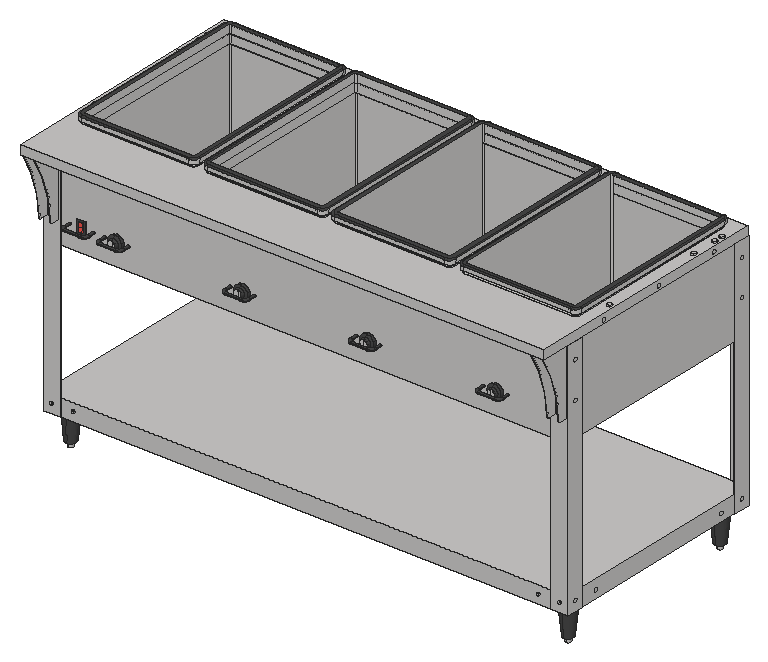
Revit family "QF_VOLLRATH_38214_SERVEWELL_SL_HOT_FOOD_TABLE", category Specialty Equipment, Revit 2022 (continued)
Definition of nested family "QF_VOLLRATH_38203"
  Automatic sketch dimensions
    Revolve 12 sketch curve to Revolve 12 sketch curve = 0.41678"
    Revolve 12 sketch curve to Revolve 12 sketch curve = 0.08253"
    Revolve 12 sketch curve to Revolve 12 sketch curve = 0.3109"
    Revolve 12 sketch curve to plane 10 = 0.12717"
    Revolve 12 sketch curve to Revolve 12 sketch curve = 1/16"
    Revolve 12 sketch curve to Revolve 12 sketch curve = 0"
    Sweep 13 sketch curve to plane 10 = 0"  (x2)
    Sweep 13 sketch curve to plane 10 = 0.83521"
    Sweep 13 sketch curve to plane 7 "Center Y" = 8.758"
    Sweep 13 sketch curve to Sweep 13 sketch curve = 0.41479"
    Sweep 13 sketch curve to plane 10 = 107/128"
    Sweep 13 sketch curve to Sweep 13 sketch curve = 1.92114"
    Sweep 13 sketch curve to profile plane = 0"
    level to Sweep 13 sketch curve = 24 7/16"
    Revolve 14 sketch curve to plane 10 = 0"
    Revolve 14 sketch curve to plane 10 = 0.30475"
    Revolve 14 sketch curve to Revolve 14 sketch curve = 0.13723"
    Revolve 14 sketch curve to Revolve 14 sketch curve = 0.30802"
    Revolve 14 sketch curve to plane 6 "TOP" = 8.74527"
    Revolve 14 sketch curve to Revolve 14 sketch curve = 0.3109"
    Revolve 14 sketch curve to Revolve 14 sketch curve = 0.08253"
    Revolve 14 sketch curve to Revolve 14 sketch curve = 0.41678"
    Revolve 14 sketch curve to plane 10 = 0.12717"
    Revolve 14 sketch curve to Revolve 14 sketch curve = 1/16"
    Revolve 14 sketch curve to Revolve 14 sketch curve = 0"
    Sweep 15 sketch curve to plane 10 = 0"  (x2)
    Sweep 15 sketch curve to plane 10 = 0.83521"
    plane 14 to Sweep 15 sketch curve = 5 1/2"
    Sweep 15 sketch curve to Sweep 15 sketch curve = 0.41479"
    Sweep 15 sketch curve to plane 10 = 107/128"
    Sweep 15 sketch curve to Sweep 15 sketch curve = 1.92114"
    Sweep 15 sketch curve to profile plane = 0"
    level to Sweep 15 sketch curve = 24 7/16"
    Extrusion 2 to Extrusion 16 sketch curve = 1.87224"
    Extrusion 2 to Extrusion 16 sketch curve = 3.81326"
    Extrusion 16 sketch curve to Extrusion 16 sketch curve = 0.29169"
    Extrusion 16 sketch curve to Extrusion 16 sketch curve = 0.41524"
    Extrusion 16 sketch curve to Extrusion 16 sketch curve = 0.29307"
    Extrusion 16 sketch curve to Extrusion 16 sketch curve = 0.27955"
    Extrusion 16 sketch curve to Extrusion 16 sketch curve = 1 1/64"
    Extrusion 16 sketch curve to Extrusion 16 sketch curve = 0.20483"
    Extrusion 17 sketch curve to Extrusion 16 = 0"  (x2)
    Extrusion 17 sketch curve to Extrusion 16 = 0.06481"
    Extrusion 17 sketch curve to Extrusion 16 = 0.46361"
    Extrusion 16 to Extrusion 17 sketch curve = 0.00006"
    Extrusion 17 sketch curve to Extrusion 16 = 0.14238"
    Sweep 18 sketch curve to plane 10 = 0"  (x2)
    Sweep 18 sketch curve to plane 10 = 0.83521"
    plane 12 to Sweep 18 sketch curve = 1 15/32"
    Sweep 18 sketch curve to Sweep 18 sketch curve = 0.41479"
    Sweep 18 sketch curve to plane 10 = 107/128"
    Sweep 18 sketch curve to Sweep 18 sketch curve = 1.92114"
    Sweep 18 sketch curve to profile plane = 0"
    level to Sweep 18 sketch curve = 24 7/16"
    Split face 1 sketch curve to cut or joined group of Extrusion 2, Extrusion 3, Extrusion 4 = 4.12648"
    Split face 1 sketch curve to Split face 1 sketch curve = 7/16"
    cut or joined group of Extrusion 2, Extrusion 3, Extrusion 4 to Split face 1 sketch curve = 7.43183"
    Split face 1 sketch curve to Split face 1 sketch curve = 1"
    Split face 2 sketch curve to cut or joined group of Extrusion 2, Extrusion 3, Extrusion 4 = 3.3811"
    cut or joined group of Extrusion 2, Extrusion 3, Extrusion 4 to Split face 2 sketch curve = 7.88431"
    Split face 3 sketch curve to cut or joined group of Extrusion 2, Extrusion 3, Extrusion 4 = 4.12648"
    Split face 3 sketch curve to Split face 3 sketch curve = 7/16"
    cut or joined group of Extrusion 2, Extrusion 3, Extrusion 4 to Split face 3 sketch curve = 20.44317"
    Split face 3 sketch curve to Split face 3 sketch curve = 1"
    Split face 4 sketch curve to Split face 4 sketch curve = 0"  (x2)
    Split face 4 sketch curve to cut or joined group of Extrusion 2, Extrusion 3, Extrusion 4 = 3.3811"
    cut or joined group of Extrusion 2, Extrusion 3, Extrusion 4 to Split face 4 sketch curve = 19.95944"
    Split face 4 sketch curve to Split face 4 sketch curve = 0.16586"
    Split face 5 sketch curve to cut or joined group of Extrusion 2, Extrusion 3, Extrusion 4 = 4.12648"
    Split face 5 sketch curve to Split face 5 sketch curve = 7/16"
    cut or joined group of Extrusion 2, Extrusion 3, Extrusion 4 to Split face 5 sketch curve = 5.69317"
    Split face 5 sketch curve to Split face 5 sketch curve = 1"
    Split face 6 sketch curve to Split face 6 sketch curve = 0"  (x2)
    Split face 6 sketch curve to cut or joined group of Extrusion 2, Extrusion 3, Extrusion 4 = 3.3811"
    cut or joined group of Extrusion 2, Extrusion 3, Extrusion 4 to Split face 6 sketch curve = 5.19382"
    Split face 6 sketch curve to Split face 6 sketch curve = 0.16586"
    Split face 7 sketch curve to cut or joined group of Extrusion 2, Extrusion 3, Extrusion 4 = 3.21492"
    Split face 7 sketch curve to Split face 7 sketch curve = 3/32"  (x2)
    Split face 7 sketch curve to Split face 7 sketch curve = 1 1/8"
    Split face 7 sketch curve to Split face 7 sketch curve = 1.12522"
    Split face 7 sketch curve to Split face 7 sketch curve = 0.09353"
    cut or joined group of Extrusion 2, Extrusion 3, Extrusion 4 to Split face 7 sketch curve = 11.9592"
    Split face 7 sketch curve to Split face 7 sketch curve = 3 15/16"
    Extrusion 2 to Extrusion 19 sketch curve = 0"  (x4)
    Extrusion 19 sketch curve to Extrusion 19 sketch curve = 5/32"  (x2)
    Extrusion 19 sketch curve to Extrusion 2 = 0.01601"  (x2)
    Extrusion 19 sketch curve to Extrusion 2 = 5/32"  (x9)
    Extrusion 2 to Extrusion 19 sketch curve = 0.01601"  (x2)
    Extrusion 19 sketch curve to Extrusion 2 = 2.89624"  (x4)
    Extrusion 19 sketch curve to Extrusion 2 = 0.14024"
    Extrusion 19 sketch curve to Extrusion 2 = 6.47269"  (x2)
    Extrusion 19 sketch curve to Extrusion 2 = 6.4887"  (x2)
    Extrusion 20 sketch curve to Extrusion 1 = 0.56824"
    Extrusion 20 sketch curve to Extrusion 1 = 0.53699"
    Extrusion 20 sketch curve to Extrusion 1 = 0.50498"  (x2)
    Extrusion 1 to Extrusion 20 sketch curve = 1.56685"
    Extrusion 20 sketch curve to Extrusion 20 sketch curve = 1.04512"
    Extrusion 20 sketch curve to Extrusion 20 sketch curve = 2.99589"
    Extrusion 1 to Extrusion 20 sketch curve = 3.29839"
    Extrusion 2 to Extrusion 21 sketch curve = 1.4413"
    Extrusion 21 sketch curve to Extrusion 2 = 2.52553"
    Extrusion 22 sketch curve to Extrusion 2 = 2.89711"  (x4)
    Extrusion 22 sketch curve to Extrusion 2 = 6.47298"  (x2)
    Extrusion 22 sketch curve to Extrusion 2 = 6.48457"  (x2)
    plane 12 to Extrusion 23 sketch curve = 6.61974"
    Extrusion 23 sketch curve to Extrusion 23 sketch curve = 0.03954"
    Extrusion 23 sketch curve to Extrusion 23 sketch curve = 0.07808"
    Extrusion 23 sketch curve to Extrusion 23 sketch curve = 9/64"
    Extrusion 23 sketch curve to Extrusion 23 sketch curve = 0.29046"
    Extrusion 23 sketch curve to Extrusion 23 sketch curve = 0.10409"
    plane 11 to Extrusion 23 sketch curve = 13 225/256"
    Extrusion 23 sketch curve to Extrusion 23 sketch curve = 0.77431"
    Extrusion 23 sketch curve to Extrusion 23 sketch curve = 0.00199"
    Extrusion 23 sketch curve to Extrusion 23 sketch curve = 0.23749"
    Extrusion 23 sketch curve to Extrusion 23 sketch curve = 0"
    Extrusion 23 sketch curve to Extrusion 23 sketch curve = 0.25882"
    plane 12 to Extrusion 24 sketch curve = 6.80179"
    Extrusion 24 sketch curve to plane 6 "TOP" = 13.11387"
    Extrusion 25 sketch curve to plane 7 "Center Y" = 7.48485"
    Extrusion 25 sketch curve to Extrusion 25 sketch curve = 0.03954"
    Extrusion 25 sketch curve to Extrusion 25 sketch curve = 0.11762"
    Extrusion 25 sketch curve to Extrusion 25 sketch curve = 9/64"
    Extrusion 25 sketch curve to Extrusion 25 sketch curve = 0.29046"
    Extrusion 25 sketch curve to Extrusion 25 sketch curve = 0.10409"
    plane 11 to Extrusion 25 sketch curve = 13 225/256"
    Extrusion 25 sketch curve to Extrusion 25 sketch curve = 0.77431"
    Extrusion 25 sketch curve to Extrusion 25 sketch curve = 0.00199"
    Extrusion 25 sketch curve to Extrusion 25 sketch curve = 0.23749"
    Extrusion 25 sketch curve to Extrusion 25 sketch curve = 0"
    Extrusion 25 sketch curve to Extrusion 25 sketch curve = 0.25882"
    Extrusion 26 sketch curve to plane 7 "Center Y" = 7.29599"
    Extrusion 26 sketch curve to plane 6 "TOP" = 13.11387"
    plane 14 to Extrusion 27 sketch curve = 6.99367"
    Extrusion 27 sketch curve to Extrusion 27 sketch curve = 0.03954"
    Extrusion 27 sketch curve to Extrusion 27 sketch curve = 0.07808"
    Extrusion 27 sketch curve to Extrusion 27 sketch curve = 9/64"
    Extrusion 27 sketch curve to Extrusion 27 sketch curve = 0.29046"
    Extrusion 27 sketch curve to Extrusion 27 sketch curve = 0.10409"
    plane 11 to Extrusion 27 sketch curve = 13 225/256"
    Extrusion 27 sketch curve to Extrusion 27 sketch curve = 0.77431"
    Extrusion 27 sketch curve to Extrusion 27 sketch curve = 0.00199"
    Extrusion 27 sketch curve to Extrusion 27 sketch curve = 0.23749"
    Extrusion 27 sketch curve to Extrusion 27 sketch curve = 0"
    Extrusion 27 sketch curve to Extrusion 27 sketch curve = 0.25882"
    plane 14 to Extrusion 28 sketch curve = 6.81162"
    Extrusion 28 sketch curve to plane 6 "TOP" = 13.11387"
    Extrusion 1 to Extrusion 29 sketch curve = 0.93013"  (x3)
    Extrusion 29 sketch curve to Extrusion 29 sketch curve = 2.99269"
    Extrusion 1 to Extrusion 29 sketch curve = 0.52024"  (x3)
    Extrusion 29 sketch curve to Extrusion 29 sketch curve = 4.0321"
    Extrusion 29 sketch curve to Extrusion 29 sketch curve = 8"  (x2)
    Extrusion 1 to Extrusion 29 sketch curve = 7.39159"
    Extrusion 1 to Extrusion 29 sketch curve = 4.40301"
    Extrusion 29 sketch curve to Extrusion 1 = 1.81291"
    Extrusion 29 sketch curve to Extrusion 29 sketch curve = 0"
    Extrusion 29 sketch curve to Extrusion 29 sketch curve = 2.98858"
    Extrusion 29 sketch curve to Extrusion 1 = 1.79886"
    Extrusion 29 sketch curve to Extrusion 29 sketch curve = 4.15231"
    Extrusion 29 sketch curve to Extrusion 29 sketch curve = 4 1/4"
    Extrusion 29 sketch curve to Extrusion 29 sketch curve = 20 3/4"
    Extrusion 29 sketch curve to Extrusion 29 sketch curve = 20.91394"
    Extrusion 29 sketch curve to Extrusion 29 sketch curve = 0.26147"
    Extrusion 29 sketch curve to Extrusion 29 sketch curve = 0.20927"
    plane 1 "BACK" to Extrusion 30 sketch curve = 0.93013"  (x3)
    plane 9 to Extrusion 30 sketch curve = 0.97789"  (x2)
    Extrusion 30 sketch curve to Extrusion 30 sketch curve = 2.99269"
    Extrusion 30 sketch curve to plane 6 "TOP" = 1.42378"  (x3)
    Extrusion 30 sketch curve to Extrusion 30 sketch curve = 4.0321"
    plane 8 "Center X" to Extrusion 30 sketch curve = 1.78778"
    plane 13 to Extrusion 30 sketch curve = 2.81572"
    plane 10 to Extrusion 30 sketch curve = 3.89159"
    plane 10 to Extrusion 30 sketch curve = 0.90301"  (x3)
    Extrusion 30 sketch curve to plane 11 = 0.81284"
    Extrusion 30 sketch curve to plane 11 = 0.76064"
    Extrusion 30 sketch curve to plane 6 "TOP" = 8.01064"
    Extrusion 30 sketch curve to Extrusion 30 sketch curve = 6.47512"
    Extrusion 30 sketch curve to plane 6 "TOP" = 3.76064"
    Extrusion 30 sketch curve to plane 6 "TOP" = 3.74659"
    Extrusion 31 sketch curve to Extrusion 3 = 0.93848"  (x3)
    Extrusion 31 sketch curve to Extrusion 3 = 1.43848"
    Extrusion 3 to Extrusion 31 sketch curve = 1.09351"  (x4)
    Extrusion 31 sketch curve to Extrusion 31 sketch curve = 53.93555"
    Extrusion 31 sketch curve to Extrusion 31 sketch curve = 2 1/2"
    Extrusion 3 to Extrusion 31 sketch curve = 6.04277"
    Extrusion 31 sketch curve to Extrusion 31 sketch curve = 0"  (x2)
    Extrusion 3 to Extrusion 31 sketch curve = 1.79277"  (x2)
    Extrusion 31 sketch curve to Extrusion 31 sketch curve = 4 1/4"
    Revolve 32 sketch curve to plane 9 = 0"
    Revolve 32 sketch curve to level = 0"
    plane 10 to Revolve 32 sketch curve = 1.00812"
    level to Revolve 32 sketch curve = 9/16"
    plane 10 to Revolve 32 sketch curve = 1.30886"
    Revolve 32 sketch curve to Revolve 32 sketch curve = 0.34739"
    Revolve 32 sketch curve to Revolve 32 sketch curve = 9/32"  (x2)
    Revolve 32 sketch curve to Revolve 32 sketch curve = 1/4"
    Revolve 32 sketch curve to Revolve 32 sketch curve = 1/16"
    Revolve 33 sketch curve to plane 9 = 0"
    Revolve 33 sketch curve to level = 0"
    plane 1 "BACK" to Revolve 33 sketch curve = 1.13312"
    level to Revolve 33 sketch curve = 9/16"
    plane 1 "BACK" to Revolve 33 sketch curve = 1.43386"
    Revolve 33 sketch curve to Revolve 33 sketch curve = 0.34739"
    Revolve 33 sketch curve to Revolve 33 sketch curve = 9/32"  (x2)
    Revolve 33 sketch curve to Revolve 33 sketch curve = 1/16"
    Revolve 33 sketch curve to Revolve 33 sketch curve = 1/4"
    Revolve 34 sketch curve to plane 9 = 0"
    Revolve 34 sketch curve to level = 0"
    plane 1 "BACK" to Revolve 34 sketch curve = 1.13312"
    level to Revolve 34 sketch curve = 9/16"
    plane 1 "BACK" to Revolve 34 sketch curve = 1.43386"
    Revolve 34 sketch curve to Revolve 34 sketch curve = 0.34739"
    Revolve 34 sketch curve to Revolve 34 sketch curve = 9/32"  (x2)
    Revolve 34 sketch curve to level = 1/4"
    Revolve 34 sketch curve to Revolve 34 sketch curve = 1/16"
    plane 13 to Blend 35 sketch curve = 0"
    plane 14 to Blend 35 sketch curve = 4.43727"
    Blend 35 sketch curve to plane 14 = 0.06273"
    plane 10 to Blend 35 sketch curve = 2.97336"
    plane 13 to Blend 35 sketch curve = 1/2"
    plane 14 to Blend 35 sketch curve = 3.93727"
    plane 14 to Blend 35 sketch curve = 0.43727"
    plane 10 to Blend 35 sketch curve = 3.47336"
    plane 13 to Blend 36 sketch curve = 0"
    plane 12 to Blend 36 sketch curve = 4.43727"
    Blend 36 sketch curve to plane 12 = 0.06273"
    plane 10 to Blend 36 sketch curve = 2.97336"
    plane 13 to Blend 36 sketch curve = 1/2"
    plane 12 to Blend 36 sketch curve = 3.93727"
    plane 12 to Blend 36 sketch curve = 0.43727"
    plane 10 to Blend 36 sketch curve = 3.47336"
    plane 14 to Blend 37 sketch curve = 4.43727"
    Blend 37 sketch curve to plane 14 = 0.06273"
    plane 8 "Center X" to Blend 37 sketch curve = 6.8801"
    plane 1 "BACK" to Blend 37 sketch curve = 2.98976"
    plane 14 to Blend 37 sketch curve = 3.93727"
    plane 14 to Blend 37 sketch curve = 0.43727"
    plane 1 "BACK" to Blend 37 sketch curve = 7.3699"
    plane 1 "BACK" to Blend 37 sketch curve = 3.48976"
    plane 12 to Blend 38 sketch curve = 4.43727"
    Blend 38 sketch curve to plane 12 = 0.06273"
    plane 1 "BACK" to Blend 38 sketch curve = 2.98976"
    Blend 38 sketch curve to Blend 38 sketch curve = 4.88014"
    plane 12 to Blend 38 sketch curve = 3.93727"
    plane 12 to Blend 38 sketch curve = 0.43727"
    plane 1 "BACK" to Blend 38 sketch curve = 3.48976"
    Blend 38 sketch curve to Blend 38 sketch curve = 3.88014"
    plane 5 "FRONT" to Extrusion 39 sketch curve = 13.4333"
    Extrusion 39 sketch curve to plane 5 "FRONT" = 0.11477"
    Extrusion 39 sketch curve to plane 10 = 0.80842"
    Extrusion 39 sketch curve to plane 10 = 1/16"
    Extrusion 39 sketch curve to plane 6 "TOP" = 1.94773"
    Extrusion 39 sketch curve to Extrusion 39 sketch curve = 7.40044"
    Extrusion 39 sketch curve to Extrusion 39 sketch curve = 1/4"
    Extrusion 39 sketch curve to plane 6 "TOP" = 10.27256"
    plane 5 "FRONT" to Extrusion 40 sketch curve = 13.4333"
    Extrusion 40 sketch curve to plane 5 "FRONT" = 0.11477"
    Extrusion 40 sketch curve to plane 10 = 0.80842"
    Extrusion 40 sketch curve to plane 10 = 1/16"
    Extrusion 40 sketch curve to plane 6 "TOP" = 1.94773"
    Extrusion 40 sketch curve to Extrusion 40 sketch curve = 7.40044"
    Extrusion 40 sketch curve to Extrusion 40 sketch curve = 1/4"
    Extrusion 40 sketch curve to plane 6 "TOP" = 10.27256"
    plane 14 to Sweep 41 sketch curve = 0.008"
    plane 14 to Sweep 41 sketch curve = 0.508"  (x2)
    plane 10 to Sweep 41 sketch curve = 3.10363"
    Sweep 41 sketch curve to Sweep 41 sketch curve = 12 13/32"  (x2)
    plane 1 "BACK" to Sweep 41 sketch curve = 1.14637"
    Sweep 41 sketch curve to Sweep 41 sketch curve = 1/2"
    Sweep 41 sketch curve to profile plane = 0"
    profile plane to Sweep 41 sketch curve = 0.08859"
    profile plane to Sweep 41 sketch curve = 0.21124"
    Sweep 41 sketch curve to Sweep 41 sketch curve = 0.00751"
    Sweep 41 sketch curve to profile plane = 1/32"
    Sweep 41 sketch curve to profile plane = 11/32"
    level to Sweep 41 sketch curve = 21 225/256"
    Sweep 41 sketch curve to Sweep 41 sketch curve = 11.21753"
    Sweep 41 sketch curve to Sweep 41 sketch curve = 0.19131"
    Sweep 41 sketch curve to Sweep 41 sketch curve = 0.43234"
    plane 10 to Sweep 42 sketch curve = 3.60363"
    plane 7 "Center Y" to Sweep 42 sketch curve = 14.258"
    Sweep 42 sketch curve to Sweep 42 sketch curve = 1/2"  (x3)
    plane 7 "Center Y" to Sweep 42 sketch curve = 1.008"  (x2)
    plane 1 "BACK" to Sweep 42 sketch curve = 1.64637"
    Sweep 42 sketch curve to profile plane = 0"
    profile plane to Sweep 42 sketch curve = 0.08859"
    profile plane to Sweep 42 sketch curve = 0.21124"
    Sweep 42 sketch curve to Sweep 42 sketch curve = 0.00751"
    Sweep 42 sketch curve to profile plane = 1/32"
    Sweep 42 sketch curve to profile plane = 11/32"
    level to Sweep 42 sketch curve = 21 225/256"
    Sweep 42 sketch curve to Sweep 42 sketch curve = 11.21753"
    Sweep 42 sketch curve to Sweep 42 sketch curve = 0.19131"
    Sweep 42 sketch curve to Sweep 42 sketch curve = 0.43234"
    plane 7 "Center Y" to Extrusion 43 sketch curve = 7.48485"
    Extrusion 43 sketch curve to Extrusion 43 sketch curve = 0.03954"
    Extrusion 43 sketch curve to Extrusion 43 sketch curve = 0.11762"
    Extrusion 43 sketch curve to Extrusion 43 sketch curve = 9/64"
    Extrusion 43 sketch curve to Extrusion 43 sketch curve = 0.29046"
    Extrusion 43 sketch curve to Extrusion 43 sketch curve = 0.10409"
    Extrusion 43 sketch curve to plane 6 "TOP" = 12.62787"
    Extrusion 43 sketch curve to Extrusion 43 sketch curve = 0.25212"
    Extrusion 43 sketch curve to Extrusion 43 sketch curve = 0.25882"
    Extrusion 43 sketch curve to Extrusion 43 sketch curve = 0.2273"
    Extrusion 43 sketch curve to Extrusion 43 sketch curve = 0"
    Extrusion 43 sketch curve to Extrusion 43 sketch curve = 0.77431"
    plane 14 to Extrusion 44 sketch curve = 6.80179"
    Extrusion 44 sketch curve to plane 6 "TOP" = 13.11387"
    plane 7 "Center Y" to Extrusion 45 sketch curve = 7.29599"
    Extrusion 45 sketch curve to plane 6 "TOP" = 13.11387"
    Revolve 46 sketch curve to plane 10 = 0"
    Revolve 46 sketch curve to plane 10 = 0.30475"
    Revolve 46 sketch curve to Revolve 46 sketch curve = 0.13723"
    Revolve 46 sketch curve to Revolve 46 sketch curve = 0.30802"
    Revolve 46 sketch curve to plane 6 "TOP" = 8.74527"
    Revolve 46 sketch curve to Revolve 46 sketch curve = 0.3109"
    Revolve 46 sketch curve to Revolve 46 sketch curve = 0.08253"
    Revolve 46 sketch curve to Revolve 46 sketch curve = 0.41678"
    Revolve 46 sketch curve to plane 10 = 0.12717"
    Revolve 46 sketch curve to Revolve 46 sketch curve = 1/16"
    Revolve 46 sketch curve to Revolve 46 sketch curve = 0"
    Split face 8 sketch curve to cut or joined group of Extrusion 2, Extrusion 3, Extrusion 4 = 4.12648"
    Split face 8 sketch curve to Split face 8 sketch curve = 7/16"
    cut or joined group of Extrusion 2, Extrusion 3, Extrusion 4 to Split face 8 sketch curve = 22.05683"
    Split face 8 sketch curve to Split face 8 sketch curve = 1"
    Split face 9 sketch curve to Split face 9 sketch curve = 0"  (x2)
    Split face 9 sketch curve to cut or joined group of Extrusion 2, Extrusion 3, Extrusion 4 = 3.3811"
    cut or joined group of Extrusion 2, Extrusion 3, Extrusion 4 to Split face 9 sketch curve = 22.52331"
    Split face 9 sketch curve to Split face 9 sketch curve = 0.16586"
    Sweep 47 sketch curve to plane 10 = 0"  (x2)
    Sweep 47 sketch curve to plane 10 = 0.83521"
    plane 7 "Center Y" to Sweep 47 sketch curve = 5.85098"
    Sweep 47 sketch curve to Sweep 47 sketch curve = 0.41479"
    Sweep 47 sketch curve to plane 10 = 107/128"
    Sweep 47 sketch curve to Sweep 47 sketch curve = 1.92114"
    Sweep 47 sketch curve to profile plane = 0"
    level to Sweep 47 sketch curve = 24 7/16"
    Extrusion 48 sketch curve to Extrusion 1 = 0.56824"
    Extrusion 48 sketch curve to Extrusion 1 = 0.53699"
    Extrusion 48 sketch curve to Extrusion 1 = 0.50498"  (x2)
    Extrusion 1 to Extrusion 48 sketch curve = 3.29839"
    Extrusion 1 to Extrusion 48 sketch curve = 5.60786"
    Extrusion 1 to Extrusion 48 sketch curve = 2.61197"
    Extrusion 48 sketch curve to Extrusion 48 sketch curve = 1.04512"
    plane 4 "RIGHT" to curve 86 = 0.56824"
    plane 13 to curve 86 = 1.10773"
    curve 85 to curve 85 = 1/4"
    plane 4 "RIGHT" to curve 87 = 0.53699"
    curve 88 to curve 78 = 5.45161"
    curve 88 to curve 87 = 1/4"
    plane 4 "RIGHT" to curve 90 = 0.50498"
    curve 89 to curve 78 = 2.45572"
    curve 89 to curve 89 = 1/4"
    curve 91 to curve 92 = 0"  (x2)
    plane 4 "RIGHT" to curve 92 = 0.50498"
    curve 89 to curve 91 = 1.04512"
    curve 91 to curve 91 = 1/4"
    Extrusion 22 sketch curve to Extrusion 22 sketch curve = 0"  (x8)
    radius of Sweep 11 sketch curve = 1/8"
    radius of Sweep 13 sketch curve = 1/8"
    radius of Sweep 15 sketch curve = 1/8"
    radius of Sweep 18 sketch curve = 1/8"
    radius of Split face 2 sketch curve = 0.16586"
    radius of Extrusion 19 sketch curve to Extrusion 2 = 0"  (x4)
    radius of Extrusion 19 sketch curve = 1/2"  (x4)
    radius of Extrusion 20 sketch curve = 1/4"  (x4)
    radius of Extrusion 21 sketch curve = 1/2"
    radius of Extrusion 22 sketch curve = 1/2"  (x4)
    radius of Extrusion 24 sketch curve = 1/4"
    radius of Extrusion 26 sketch curve = 1/4"
    radius of Extrusion 28 sketch curve = 1/4"
    radius of Extrusion 29 sketch curve = 0.17669"  (x11)
    radius of Extrusion 30 sketch curve = 0.17669"  (x11)
    radius of Extrusion 31 sketch curve = 0.14866"  (x8)
    radius of Extrusion 44 sketch curve = 1/4"
    radius of Extrusion 45 sketch curve = 1/4"
    radius of Sweep 47 sketch curve = 1/8"
    radius of Extrusion 48 sketch curve = 1/4"  (x4)
    radius of Extrusion 22 sketch curve = 9/16"  (x4)
  Connectors (in)
    electrical at (4.37729, -23.99392, 21.75393)
      settings: on Extrusion 21, index 1, voltage 0 V, apparent load 0 VA, apparent load phase1 0 VA, apparent load phase2 0 VA, apparent load phase3 0 VA, power factor 1, load classification none, number of poles 1, system type 30, power factor state 1, is connector primary yes, connector utility no, sub classification motor no, connector description "ELECTRICAL CONNECTION"
